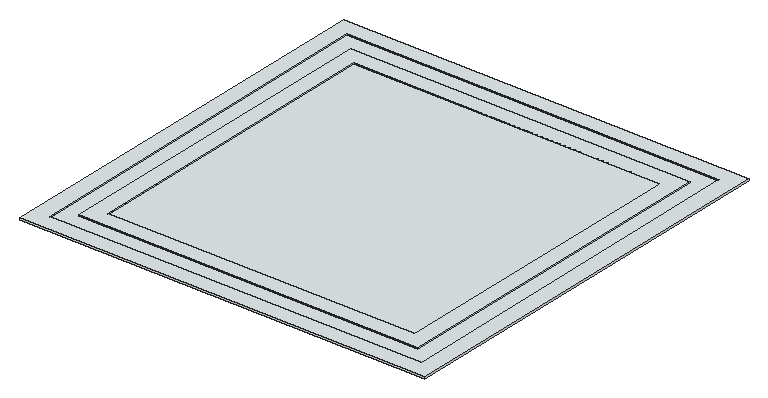
Revit family "Tapete retangular", category Furniture, Revit 2016
Family settings
  OmniClass Number = 23.40.20.00
  OmniClass Title = General Furniture and Specialties
  Work Plane-Based = No
  Always vertical = Yes
  Cut with Voids When Loaded = No
  Shared = No
  Room Calculation Point = No
Parameters
  MATERIAL TAPETE = TAPETE
  Largura [instance] = 250 cm
  Comprimento [instance] = 250 cm
Reference planes (cm)
  plane 1 "Center Front/Back": y = 0
  plane 2: z = 0
  plane 3 "Center Left/Right": x = 0
Forms (cm)
  Extrusion 1, solid, material "TAPETE"
    sketch origin (0, 0, 0) x (1, 0, 0) y (0, 1, 0)
      loop
        line (7.4948, 214.2251) -> (7.4948, -35.7749) -> (257.4948, -35.7749) -> (257.4948, 214.2251) -> (7.4948, 214.2251)
    from 0 to 1
  Extrusion 2, void
    sketch origin (0, 0, 0) x (1, 0, 0) y (0, 1, 0)
      loop
        line (247.4948, -25.7749) -> (247.4948, 204.2251) -> (17.4948, 204.2251) -> (17.4948, -25.7749) -> (247.4948, -25.7749)
      loop
        line (237.4948, -15.7749) -> (237.4948, 194.2251) -> (27.4948, 194.2251) -> (27.4948, -15.7749) -> (237.4948, -15.7749)
      loop
        line (227.4948, -5.7749) -> (227.4948, 184.2251) -> (37.4948, 184.2251) -> (37.4948, -5.7749) -> (227.4948, -5.7749)
    from 0.5 to 10
Cuts and joins
  Extrusion 2 cuts Extrusion 1
Dimensions and locks (cm)
  "Largura": cut or joined group of Extrusion 1, Extrusion 2 to cut or joined group of Extrusion 1, Extrusion 2
  "Comprimento": cut or joined group of Extrusion 1, Extrusion 2 to cut or joined group of Extrusion 1, Extrusion 2
  cut or joined group of Extrusion 1, Extrusion 2 to cut or joined group of Extrusion 1, Extrusion 2 to cut or joined group of Extrusion 1, Extrusion 2 to cut or joined group of Extrusion 1, Extrusion 2 = 10 cm locked, 10 cm locked, 10 cm locked  (x4)
  aligned and locked: level to plane 2
Automatic sketch dimensions
  plane 1 "Center Front/Back" to Extrusion 1 sketch curve = 35.7749 cm
  plane 3 "Center Left/Right" to Extrusion 1 sketch curve = 7.4948 cm
  plane 3 "Center Left/Right" to Extrusion 1 sketch curve = 257.4948 cm
  Extrusion 1 sketch curve to plane 1 "Center Front/Back" = 214.2251 cm
  plane 1 "Center Front/Back" to Extrusion 2 sketch curve = 25.7749 cm
  plane 3 "Center Left/Right" to Extrusion 2 sketch curve = 17.4948 cm
  Extrusion 2 sketch curve to Extrusion 2 sketch curve = 10 cm  (x7)
  plane 1 "Center Front/Back" to Extrusion 2 sketch curve = 5.7749 cm
  plane 3 "Center Left/Right" to Extrusion 2 sketch curve = 227.4948 cm
  Extrusion 2 sketch curve to plane 1 "Center Front/Back" = 184.2251 cm
